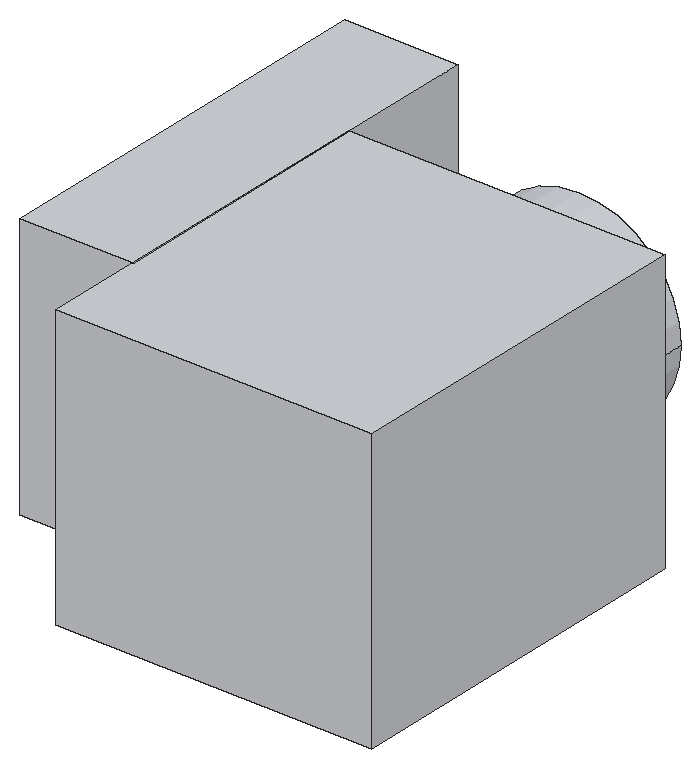
Revit family "VAV_Box_Sizes_4-16", category Mechanical Equipment, Revit 2018
Family settings
  Round Connector Dimension = Use Radius
  Part Type = Normal
  Work Plane-Based = No
  Always vertical = Yes
  Cut with Voids When Loaded = No
  Shared = No
  Room Calculation Point = No
Parameters (values of type "09" Size Box")
  VEL. (FPM) [instance] = (CFM / 1) / (3.14 * ((NECK SIZE / 1) ^ 2))  # 0 FPM
  SIZE_OF_UNIT [instance] = ""
  SERVICE DESCRIPTION [instance] = ""
  SCHEDULE_TYPE = "AIR_TERMINAL_BOX"
  PRESSURE_AIR_TOTAL [instance] = 0.00 in-wg
  Outlet depth = 1' - 0 1/2"
  Outlet width = 1' - 2"
  NOISE_CRITERIA_SOUND_RADIATED = 30  # constant formula
  NOISE_CRITERIA_SOUND_DISCHARGE = 30  # constant formula
  Model = "SDV"
  Manufacturer = "Price"
  MIN. CFM = 0 CFM
  MAX. CFM = 0 CFM
  LOCATION_EQUIPMENT_SERVED [instance] = ""
  Inlet radius = 0' - 4 1/2"
  Inlet diameter = 2 * Inlet radius  # 0' - 9"
  INLET RAD [instance] = 1' - 0"
  Flow [instance] = 0 CFM
  FLOW_AIR_ACTUAL [instance] = 0 CFM
  Design Supply Air Flow [instance] = 0 CFM
  FLOW_AIR_MINIMUM [instance] = 0 CFM
  Description = "Digital Controller"
  Controller dimension = 0' 5" + (Outlet width) / 2  # 1' - 0"
  CFM [instance] = 0 CFM
  Box Max CFM = "1050"
  Box length = 1' - 4 1/4"
  Assembly Code = ""
  NECK SIZE [instance] = Inlet diameter  # 9"
Types (8): name | Outlet depth | Outlet width | Inlet radius | Inlet diameter | Controller dimension | Box Max CFM | Box length | NECK SIZE
  04" Size Box | 0' - 8" | 1' - 0" | 0' - 2" | 0' - 4" | 0' - 11" | "225" | 1' - 6 1/4" | 4"
  05" Size Box | 0' - 8" | 1' - 0" | 0' - 2 1/2" | 0' - 5" | 0' - 11" | "350" | 1' - 6 1/4" | 5"
  06" Size Box | 0' - 8" | 1' - 0" | 0' - 3" | 0' - 6" | 0' - 11" | "450" | 1' - 4 1/4" | 6"
  07" Size Box | 0' - 10" | 1' - 0" | 0' - 3 1/2" | 0' - 7" | 0' - 11" | "650" | 1' - 4 1/4" | 7"
  08" Size Box | 0' - 10" | 1' - 0" | 0' - 4" | 0' - 8" | 0' - 11" | "800" | 1' - 4 1/4" | 8"
  09" Size Box | 1' - 0 1/2" | 1' - 2" | 0' - 4 1/2" | 0' - 9" | 1' - 0" | "1050" | 1' - 4 1/4" | 9"
  10" Size Box | 1' - 0 1/2" | 1' - 2" | 0' - 5" | 0' - 10" | 1' - 0" | "1350" | 1' - 4 1/4" | 10"
  14" Size Box | 1' - 5 1/2" | 1' - 8" | 0' - 7" | 1' - 2" | 1' - 3" | "3000" | 1' - 7 3/4" | 14"
Reference planes (in)
  plane 1: z = 0
  plane 2 "Center (Left/Right)": x = 0
  plane 3: z = 0
  plane 4: y = 12.4679
  plane 5: x = 0
  plane 6: y = 8.4679
  plane 7: y = -7.7821
  plane 8: x = 7
  plane 9: x = -7
  plane 10: z = 6.25
  plane 11: z = -6.25
  plane 12: y = 14.4679
  plane 13: y = -3.5321
  plane 14: x = -12
  plane 15: x = -7
  plane 16: z = -5.5
  plane 17: x = -5.5
  plane 18: x = 3.5
Forms (in)
  Extrusion 1, solid
    sketch origin (39.65189, 8.81843, 0) x (1, 0, 0) y (0, 1, 0)
      loop
        line (-46.65189, -16.60054) -> (-32.65189, -16.60054) -> (-32.65189, -0.35054) -> (-46.65189, -0.35054) -> (-46.65189, -16.60054)
    from -6.25 to 6.25
  Extrusion 2, solid
    sketch origin (0, 9.1298, -5.5) x (1, 0, 0) y (0, 1, 0)
      loop
        line (-7, 5.3381) -> (-12, 5.3381) -> (-12, -12.6619) -> (-7, -12.6619) -> (-7, 5.3381)
    from 0 to 11.75
  Extrusion 3, solid
    sketch origin (0, 12.4679, 0) x (1, 0, 0) y (0, 0, 1)
      loop
        circle (0, 0) r 4.5
    from 0 to 4
Dimensions and locks (in)
  "Box length": plane 6 to plane 7
  locked: plane 4 to plane 6 at 4
  "Inlet diameter": plane 17 to plane 18
  equal spacing: plane 10, level, plane 11
  "Outlet depth": plane 10 to plane 11
  equal spacing: plane 9, plane 5, plane 8
  "Outlet width": plane 9 to plane 8
  plane 9 to plane 5 = 0' - 7"
  locked: plane 14 to plane 15 at 5
  "Controller dimension": plane 14 to plane 5
  "Inlet radius": radius of Extrusion 3 sketch curve
  aligned and locked: plane 5 to plane 2 "Center (Left/Right)"
  aligned and locked: plane 6 to Extrusion 1  (x3)
  aligned and locked: plane 7 to Extrusion 1
  aligned and locked: Extrusion 1 to plane 9
  aligned and locked: plane 8 to Extrusion 1
  aligned and locked: plane 10 to Extrusion 1
  aligned and locked: Extrusion 1 to plane 11
  aligned and locked: plane 12 to Extrusion 2  (x2)
  aligned and locked: plane 13 to Extrusion 2
  aligned and locked: Extrusion 2 to plane 13
  aligned and locked: plane 14 to Extrusion 2
  aligned and locked: plane 10 to Extrusion 2
  aligned and locked: plane 16 to Extrusion 2  (x2)
  aligned and locked: plane 11 to Extrusion 1  (x2)
  aligned and locked: Extrusion 1 to plane 10  (x3)
  aligned and locked: plane 7 to Extrusion 1 sketch curve
  aligned and locked: Extrusion 1 sketch curve to plane 6
  aligned and locked: Extrusion 3 to plane 6
  aligned and locked: plane 4 to Extrusion 3
  aligned and locked: plane 9 to Extrusion 2
Automatic sketch dimensions
  Extrusion 1 sketch curve to plane 9 = 0' - 0"
  Extrusion 1 sketch curve to plane 8 = 0' - 0"
  Extrusion 2 sketch curve to plane 12 = 0' - 0"
  Extrusion 2 sketch curve to plane 14 = 0' - 0"
  Extrusion 2 sketch curve to plane 9 = 0' - 0"
  Extrusion 2 sketch curve to plane 13 = 0' - 0"
  Extrusion 3 sketch curve to level = 0' - 0"
  Extrusion 3 sketch curve to plane 2 "Center (Left/Right)" = 0' - 0"
Connectors (in)
  hvac at (0, 12.4679, 0), driven by "Inlet radius", driven by "Flow"
    settings: on Extrusion 3, index 1, duct flow 0 CFM, flow factor 0, pres drop 0.00 in-wg, loss coef 0, conn angle 0.00°, conn width 12", conn height 12", conn diameter 9", duct sys type 1, conn prof type 0, flow config 1, flow direction 1, loss method 0, conn ref index 2, conn util no, is conn primary yes, conn desc ""
  hvac at (0, -7.7821, 0), driven by "Outlet depth", driven by "Outlet width"
    settings: on Extrusion 1, index 2, duct flow 0 CFM, flow factor 0, pres drop 0.00 in-wg, loss coef 0, conn angle 0.00°, conn width 14", conn height 12 1/2", conn diameter 24", duct sys type 1, conn prof type 1, flow config 0, flow direction 2, loss method 0, conn ref index 1, conn util no, is conn primary no, conn desc ""
